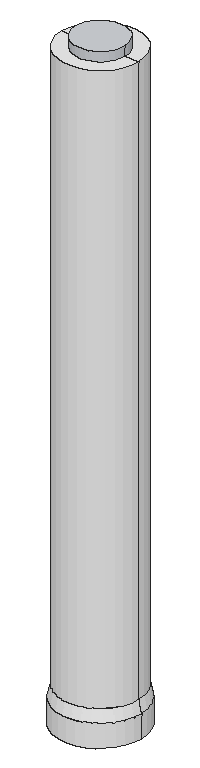
Revit family
Parameters (values of type "FF Pipe 100")
  Pipe Placement = 1500 mm
  Pipe Length = 975 mm
  Assembly Code = ""
Reference planes
  plane 1 "Center (Front/Back)": y = 0
  plane 2: z = 0
  plane 3 "Center (Left/Right)": x = 0
  plane 4: x = -62.5
  plane 5: x = 62.5
  plane 6: z = 2475
  plane 7: z = 1500
  plane 8: z = 1495
  plane 9: z = 2490
Forms (mm)
  Revolve 1, solid, material "PIPE"
    sketch origin (0, 0, -79.898) x (1, 0, 0) y (0, 0, 1)
      loop
        line (0, 1579.898) -> (0, 2554.898) -> (-62.5, 2554.898) -> (-62.5, 1634.809) -> (-67.5, 1616.148) -> (-67.5, 1579.898) -> (0, 1579.898)
      axis (0, 2554.898) -> (0, 1579.898)
    angle from 0 to 360
  Extrusion 2, solid
    sketch origin (0, 0, 0) x (1, 0, 0) y (0, 1, 0)
      loop
        circle (0, 0) r 42.5
    from 1495 to 1505
  Extrusion 3, solid
    sketch origin (0, 0, 1120) x (1, 0, 0) y (0, 1, 0)
      loop
        circle (0, 0) r 40
    from 1355 to 1370
Dimensions and locks
  "Pipe Length": plane 6 to plane 7
  "Pipe Placement": plane 7 to level
  plane 6 to plane 7 = 975 mm
  aligned and locked: Revolve 1 to plane 7
Automatic sketch dimensions
  Revolve 1 sketch curve to plane 7 = 0 mm
  Revolve 1 sketch curve to plane 4 = 0 mm
  Revolve 1 sketch curve to plane 3 "Center (Left/Right)" = 0 mm  (x2)
  Revolve 1 sketch curve to plane 6 = 0 mm
  Revolve 1 sketch curve to plane 4 = 5 mm
  Revolve 1 sketch curve to Revolve 1 sketch curve = 5 mm
  Revolve 1 sketch curve to Revolve 1 sketch curve = 30 mm
  Revolve 1 sketch curve to Revolve 1 sketch curve = 36.25 mm
  Revolve 1 sketch curve to Revolve 1 sketch curve = 18.66 mm
  Extrusion 2 sketch curve to plane 1 "Center (Front/Back)" = 0 mm
  Extrusion 2 sketch curve to plane 3 "Center (Left/Right)" = 0 mm
  Extrusion 3 sketch curve to plane 1 "Center (Front/Back)" = 0 mm
  Extrusion 3 sketch curve to plane 3 "Center (Left/Right)" = 0 mm
  radius of Extrusion 2 sketch curve = 42.5 mm
  radius of Extrusion 3 sketch curve = 40 mm
